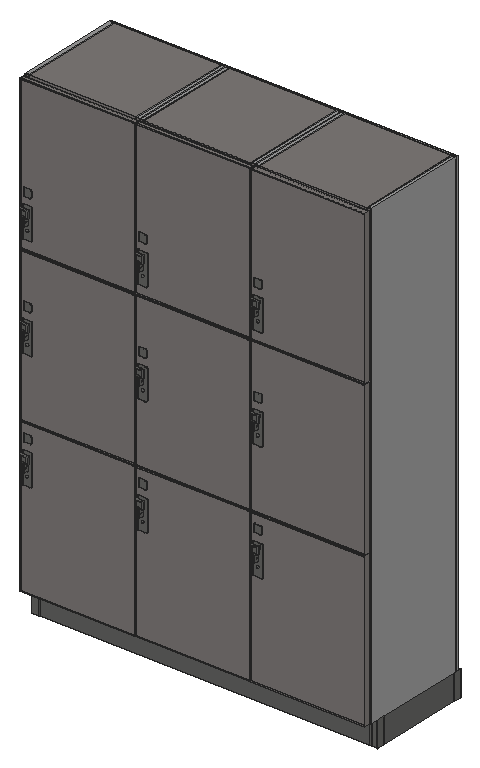
Revit family "Wood_Lockers_Hasps-Salsbury_Industries-18_43000_Series-3_Wide_Units.rfa", category Specialty Equipment, Revit 2016
Family settings
  Part Type = Normal
  Round Connector Dimension = Use Diameter
  OmniClass Number = 23.40.00.00
  OmniClass Title = Equipment and Furnishings
  Work Plane-Based = No
  Always vertical = Yes
  Cut with Voids When Loaded = No
  Shared = No
  Room Calculation Point = No
Parameters (values of type "18-43368")
  Width = 54.000"
  Version = "1.0 (01/31/24)"
  Unit Height including Sloping Hood Only [instance] = 78.868"
  Unit Height including Base Only [instance] = 76.000"
  URL = "www.lockers.com"
  Type Comments = "Premier Wood Lockers - Triple Tier - with Hasps"
  Total Doors Height [instance] = if(Unit Height = 72.000", 71.750", if(Unit Height = 60.000", 59.750", 0.000"))  # 71.750"
  Sloping Top Corner Filler - Right Side [instance] = Wood Locker Sloping Corner Fillers : None
  Sloping Top Corner Filler - Left Side [instance] = Wood Locker Sloping Corner Fillers : None
  Sloping In-Line Filler - Right Side [instance] = Wood Locker Sloping In-Line Fillers : None
  Sloping In-Line Filler - Left Side [instance] = Wood Locker Sloping In-Line Fillers : None
  Sloping Hood Height = if(Depth = 15.000", 5.743", if(Depth = 18.000", 6.868", if(Depth = 21.000", 7.993", if(Depth = 24.000", 9.118", 0.000"))))  # 6.868"
  Sloping Hood [instance] = Wood Locker Sloping Hoods : None
  Side Panel without Slope - Right Side [instance] = Wood Locker Side Panels-No Slope : None
  Side Panel without Slope - Left Side [instance] = Wood Locker Side Panels-No Slope : None
  Side Panel with Slope - Right Side [instance] = Wood Locker Side Panels-With Slope : None
  Side Panel with Slope - Left Side [instance] = Wood Locker Side Panels-With Slope : None
  Secondary Structure Materials = Particle Board Industrial Grade - Salsbury Finish - Black Melamine Overlay
  Primary Structure Materials = Particle Board Industrial Grade - Salsbury Finish - Plain
  Overall Unit Height including Base and Sloping Hood [instance] = 82.868"
  OmniClass 23 Title = "Equipment and Furnishings"
  OmniClass 23 Number = "23.40.00.00"
  Model = "18-43368"
  MasterFormat Title = "Lockers"
  MasterFormat Code = "10 51 23"
  Manufacturer = "Salsbury Industries"
  Laminate Surface [instance] = Industrial Grade Particleboard with Wood Laminate - Salsbury Finish - Skyline Walnut
  Unit Height = 72.000"
  Interior Material = Textured Melamine - Salsbury Finish - White
  Individual Door Width [instance] = 17.875"
  Individual Door Height = if(Unit Height = 72.000", 23.791", if(Unit Height = 60.000", 19.791", 0.000"))  # 23.791"
  Hardware = Aluminum - Salsbury Finish - Black Satin
  Front Vertical Filler - Right Side [instance] = Wood Locker Front Fillers : None
  Front Vertical Filler - Left Side [instance] = Wood Locker Front Fillers : None
  Front Corner Filler - Right Side [instance] = Wood Locker Front Corner Filler : None
  Front Corner Filler - Left Side [instance] = Wood Locker Front Corner Filler : None
  Flat Top In-Line Filler - Right Side [instance] = Wood Locker Flat In-Line Fillers : None
  Flat Top In-Line Filler - Left Side [instance] = Wood Locker Flat In-Line Fillers : None
  Flat Top Corner Filler - Right Side [instance] = Wood Locker Flat Corner Fillers : None
  Flat Top Corner Filler - Left Side [instance] = Wood Locker Flat Corner Fillers : None
  Fascia Filler [instance] = Wood Locker Fascia Fillers : None
  Double Side Panel without Slope - Right Side [instance] = Wood Locker Double Side Panels-No Slope : None
  Double Side Panel without Slope - Left Side [instance] = Wood Locker Double Side Panels-No Slope : None
  Double Side Panel with Slope - Right Side [instance] = Wood Locker Double Side Panels-With Slope : None
  Double Side Panel with Slope - Left Side [instance] = Wood Locker Double Side Panels-With Slope : None
  Door Location D3 = Premier Locker Doors_Hasp : Triple Tier Door-3 for Six Foot High Locker
  Door Location D2 = Premier Locker Doors_Hasp : Triple Tier Door-2 for Six Foot High Locker
  Door Location D1 = Premier Locker Doors_Hasp : Triple Tier Door-1 for Six Foot High Locker
  Description = "3 Wide - 6 Feet High - 18 inches Deep - with Base"
  Depth = 18.000"
  Compartment Width [instance] = 16.750"
  Compartment Height [instance] = if(Unit Height = 72.000", 23.000", if(Unit Height = 60.000", 19.000", 0.000"))  # 23.000"
  Compartment Depth [instance] = 16.750"
  Base Material = Particle Board Industrial Grade - Salsbury Finish - Black Melamine Overlay
  Base Height = 4.000"
  Base Depth [instance] = 16.250"
  Base = Wood Locker Bases : Base - 54" W x 18" D Lockers
  Assembly Code = "C1030310"
Reference planes (in)
  plane 1 "Center (Front/Back)": y = 0
  plane 2: z = 0
  plane 3 "Center (Left/Right)": x = 0
  plane 4 "Right Side of Unit": x = 27
  plane 5 "Left Side of Unit": x = -27
  plane 6 "Back of Unit": y = 9
  plane 7 "Front of Unit": y = -9
  plane 8 "Bottom of Base": z = 0
  plane 9 "Top Edge of Unit": z = 76
  plane 10 "Top of Base Edge": z = 4
  plane 11: z = 82.868
  plane 12 "Right Compartment 3 Edge": x = 26.406
  plane 13 "Left Compartment 1 Edge": x = -26.406
  plane 14 "Front Melamine Edge": y = -8
  plane 15 "Back Compartment Edge": y = 8.781
  plane 16 "Front Compartment Edge": y = -7.969
  plane 17 "Front Edge of Base": y = -6.625
  plane 18 "Bottom Edge of Door": z = 4.125
  plane 19 "Top Edge of Door": z = 75.875
  plane 20 "Bottom Compartment Edge": z = 4.75
  plane 21 "Top Compartment Edge": z = 75.25
  plane 22 "Center Top and Bottom": z = 40
  plane 23 "Left Melamine 1 Edge": x = -26.375
  plane 24 "Right Melamine 3 Edge": x = 26.375
  plane 25 "Back Melamine Edge": y = 8.75
  plane 26 "Left Edge of Door": x = -26.875
  plane 27: y = 9.625
  plane 28: y = -7.25
  plane 29 "Base / Ventillation Alignment": y = 9.625
  plane 30 "Compartment 1-2 Dividing Line": x = -9
  plane 31 "Compartment 2-3 Dividing Line": x = 9
  plane 32 "Right Compartment 1 Edge": x = -9.594
  plane 33 "Right Melamine 1 Edge": x = -9.625
  plane 34 "Left Compartment 2 Edge": x = -8.406
  plane 35 "Left Melamine 2 Edge": x = -8.375
  plane 36 "Right Compartment 2 Edge": x = 8.406
  plane 37 "Right Melamine 2 Edge": x = 8.375
  plane 38 "Left Compartment 3 Edge": x = 9.594
  plane 39 "Left Melamine 3 Edge": x = 9.625
  plane 40 "Compartment Shelf 2": z = 28.5
  plane 41: z = 27.75
  plane 42 "Compartment Extrusion Guide": z = 3.5
  plane 43 "Vertical Center of Compartment 1": x = -18
  plane 44 "Vertical Center of Compartment 3": x = 18
  plane 45: z = 27.916
  plane 46: z = 28.104
  plane 47: z = 51.5
  plane 48 "Compartment Shelf 1": z = 52.25
  plane 49: z = 51.895
  plane 50: z = 52.083
  plane 51 "Front of Shelf": y = 3.75
  plane 52: y = 3.781
  plane 53 "Top Shelf-Top": z = 70.75
  plane 54 "Top Shelf-Bottom": z = 70
  plane 55 "Mid Shelf-Top": z = 47
  plane 56 "Mid Shelf-Bottom": z = 46.25
  plane 57 "Bottom Shelf-Top": z = 23.25
  plane 58 "Bottom Shelf-Bottom": z = 22.5
Forms (in)
  Extrusion 1, solid, material "Particle Board Industrial Grade - Salsbury Finish - Plain" <- "Primary Structure Materials"
    sketch origin (27, 0, 0) x (0, -1, 0) y (0, 0, 1)
      loop
        line (7.969, 76) -> (-8.75, 76) -> (-8.75, 4) -> (7.969, 4) -> (7.969, 76)
    from 0 to 0.594
  Extrusion 2, solid, material "Particle Board Industrial Grade - Salsbury Finish - Plain" <- "Primary Structure Materials"
    sketch origin (-27, 0, 0) x (0, -1, 0) y (0, 0, 1)
      loop
        line (-8.75, 76) -> (-8.75, 4) -> (7.969, 4) -> (7.969, 76) -> (-8.75, 76)
    from 0 to -0.594
  Extrusion 3, solid, material "Textured Melamine - Salsbury Finish - White" <- "Interior Material"
    sketch origin (0, 0, 4) x (0, -1, 0) y (1, 0, 0)
      loop
        line (-8.75, -26.375) -> (7.969, -26.375) -> (7.969, 26.375) -> (-8.75, 26.375) -> (-8.75, -26.375)
    from 0 to 0.75
  Extrusion 4, solid, material "Industrial Grade Particleboard with Wood Laminate - Salsbury Finish - Skyline Walnut" <- "Laminate Surface"
    sketch origin (0, 0, 76) x (0, -1, 0) y (1, 0, 0)
      loop
        line (-8.75, -26.375) -> (8, -26.375) -> (8, 26.375) -> (-8.75, 26.375) -> (-8.75, -26.375)
    from 0 to -0.75
  Extrusion 5, solid, material "Particle Board Industrial Grade - Salsbury Finish - Plain" <- "Primary Structure Materials"
    sketch origin (0, 9, 0) x (1, 0, 0) y (0, 0, 1)
      loop
        line (-27, 76) -> (-27, 4) -> (27, 4) -> (27, 76) -> (-27, 76)
    from 0 to 0.219
  Extrusion 6, solid, material "Industrial Grade Particleboard with Wood Laminate - Salsbury Finish - Skyline Walnut" <- "Laminate Surface"
    sketch origin (0, -7.969, 0) x (1, 0, 0) y (0, 0, 1)
      loop
        line (-27, 76) -> (-27, 4) -> (-26.375, 4) -> (-26.375, 76) -> (-27, 76)
    from 0 to 0.031
  Extrusion 7, solid, material "Industrial Grade Particleboard with Wood Laminate - Salsbury Finish - Skyline Walnut" <- "Laminate Surface"
    sketch origin (0, -7.969, 0) x (-1, 0, 0) y (0, 0, -1)
      loop
        line (-27, -76) -> (-26.375, -76) -> (-26.375, -4) -> (-27, -4) -> (-27, -76)
    from 0 to 0.031
  Extrusion 8, solid, material "Textured Melamine - Salsbury Finish - White" <- "Interior Material"
    sketch origin (0, 8.75, 0) x (1, 0, 0) y (0, 0, 1)
      loop
        line (-27, 76) -> (-27, 4) -> (27, 4) -> (27, 76) -> (-27, 76)
    from -0.031 to 0
  Extrusion 9, solid, material "Textured Melamine - Salsbury Finish - White" <- "Interior Material"
    sketch origin (-26.406, 0, 0) x (0, -1, 0) y (0, 0, 1)
      loop
        line (-8.75, 76) -> (-8.75, 4) -> (7.969, 4) -> (7.969, 76) -> (-8.75, 76)
    from 0 to -0.031
  Extrusion 10, solid, material "Textured Melamine - Salsbury Finish - White" <- "Interior Material"
    sketch origin (26.406, 0, 0) x (0, -1, 0) y (0, 0, 1)
      loop
        line (7.969, 76) -> (-8.75, 76) -> (-8.75, 4) -> (7.969, 4) -> (7.969, 76)
    from 0 to 0.031
  Extrusion 11, solid, material "Textured Melamine - Salsbury Finish - White" <- "Interior Material", detail levels fine
    sketch origin (0, 0, 28.5) x (0, -1, 0) y (1, 0, 0)
      loop
        line (-8.75, -26.375) -> (7.969, -26.375) -> (7.969, 26.375) -> (-8.75, 26.375) -> (-8.75, -26.375)
    from 0 to -0.75
  Extrusion 12, void
    sketch origin (0, 0, 76) x (0, -1, 0) y (1, 0, 0)
      loop
        line (-8.75, -9.625) -> (8, -9.625) -> (8, -8.375) -> (-8.75, -8.375) -> (-8.75, -9.625)
    from -72.5 to 0
  Extrusion 13, void
    sketch origin (12, 0, 76) x (0, -1, 0) y (1, 0, 0)
      loop
        line (-8.75, -3.625) -> (8, -3.625) -> (8, -2.375) -> (-8.75, -2.375) -> (-8.75, -3.625)
    from -72.5 to 0
  Extrusion 14, solid, material "Particle Board Industrial Grade - Salsbury Finish - Plain" <- "Primary Structure Materials"
    sketch origin (6.0625, 0, 0) x (0, -1, 0) y (0, 0, 1)
      loop
        line (7.969, 76) -> (-8.75, 76) -> (-8.75, 4) -> (7.969, 4) -> (7.969, 76)
    from -2.9375 to -2.3435
  Extrusion 15, solid, material "Textured Melamine - Salsbury Finish - White" <- "Interior Material"
    sketch origin (5.4685, 0, 0) x (0, -1, 0) y (0, 0, 1)
      loop
        line (7.969, 76) -> (-8.75, 76) -> (-8.75, 4) -> (7.969, 4) -> (7.969, 76)
    from -2.9375 to -2.9065
  Extrusion 16, solid, material "Particle Board Industrial Grade - Salsbury Finish - Plain" <- "Primary Structure Materials"
    sketch origin (-5.9375, 0, 0) x (0, -1, 0) y (0, 0, 1)
      loop
        line (7.969, 76) -> (-8.75, 76) -> (-8.75, 4) -> (7.969, 4) -> (7.969, 76)
    from 3.0625 to 3.6565
  Extrusion 17, solid, material "Textured Melamine - Salsbury Finish - White" <- "Interior Material"
    sketch origin (-6.5315, 0, 0) x (0, -1, 0) y (0, 0, 1)
      loop
        line (7.969, 76) -> (-8.75, 76) -> (-8.75, 4) -> (7.969, 4) -> (7.969, 76)
    from 3.0625 to 3.0935
  Extrusion 18, solid, material "Particle Board Industrial Grade - Salsbury Finish - Plain" <- "Primary Structure Materials"
    sketch origin (-5.9375, 0, 0) x (0, -1, 0) y (0, 0, 1)
      loop
        line (-8.75, 76) -> (-8.75, 4) -> (7.969, 4) -> (7.969, 76) -> (-8.75, 76)
    from 3.0625 to 2.4685
  Extrusion 19, solid, material "Textured Melamine - Salsbury Finish - White" <- "Interior Material"
    sketch origin (-5.3435, 0, 0) x (0, -1, 0) y (0, 0, 1)
      loop
        line (-8.75, 76) -> (-8.75, 4) -> (7.969, 4) -> (7.969, 76) -> (-8.75, 76)
    from 3.0625 to 3.0315
  Extrusion 20, solid, material "Particle Board Industrial Grade - Salsbury Finish - Plain" <- "Primary Structure Materials"
    sketch origin (6.0625, 0, 0) x (0, -1, 0) y (0, 0, 1)
      loop
        line (-8.75, 76) -> (-8.75, 4) -> (7.969, 4) -> (7.969, 76) -> (-8.75, 76)
    from -2.9375 to -3.5315
  Extrusion 21, solid, material "Textured Melamine - Salsbury Finish - White" <- "Interior Material"
    sketch origin (6.6565, 0, 0) x (0, -1, 0) y (0, 0, 1)
      loop
        line (-8.75, 76) -> (-8.75, 4) -> (7.969, 4) -> (7.969, 76) -> (-8.75, 76)
    from -2.9375 to -2.9685
  Extrusion 22, solid, material "Industrial Grade Particleboard with Wood Laminate - Salsbury Finish - Skyline Walnut" <- "Laminate Surface"
    sketch origin (11.375, -7.969, 0) x (1, 0, 0) y (0, 0, 1)
      loop
        line (-21, 76) -> (-21, 4) -> (-19.75, 4) -> (-19.75, 76) -> (-21, 76)
    from 0 to 0.031
  Extrusion 23, solid, material "Industrial Grade Particleboard with Wood Laminate - Salsbury Finish - Skyline Walnut" <- "Laminate Surface"
    sketch origin (23.375, -7.969, 0) x (1, 0, 0) y (0, 0, 1)
      loop
        line (-15, 76) -> (-15, 4) -> (-13.75, 4) -> (-13.75, 76) -> (-15, 76)
    from 0 to 0.031
  Extrusion 24, solid, material "Textured Melamine - Salsbury Finish - White" <- "Interior Material", detail levels fine
    sketch origin (0, 0, 52.25) x (0, -1, 0) y (1, 0, 0)
      loop
        line (-8.75, -26.375) -> (7.969, -26.375) -> (7.969, 26.375) -> (-8.75, 26.375) -> (-8.75, -26.375)
    from 0 to -0.75
  Extrusion 25, solid, material "Industrial Grade Particleboard with Wood Laminate - Salsbury Finish - Skyline Walnut" <- "Laminate Surface"
    sketch origin (0, -7.969, 0) x (1, 0, 0) y (0, 0, 1)
      loop
        line (-26.375, 52.25) -> (-26.375, 51.5) -> (26.375, 51.5) -> (26.375, 52.25) -> (-26.375, 52.25)
    from 0 to 0.031
  Extrusion 26, solid, material "Industrial Grade Particleboard with Wood Laminate - Salsbury Finish - Skyline Walnut" <- "Laminate Surface"
    sketch origin (0, -7.969, 0) x (1, 0, 0) y (0, 0, 1)
      loop
        line (-26.375, 28.5) -> (-26.375, 27.75) -> (26.375, 27.75) -> (26.375, 28.5) -> (-26.375, 28.5)
    from 0 to 0.031
  Extrusion 27, solid, material "Industrial Grade Particleboard with Wood Laminate - Salsbury Finish - Skyline Walnut" <- "Laminate Surface"
    sketch origin (0, -7.969, 0) x (1, 0, 0) y (0, 0, 1)
      loop
        line (-26.375, 4.75) -> (-26.375, 4) -> (26.375, 4) -> (26.375, 4.75) -> (-26.375, 4.75)
    from 0 to 0.031
  Extrusion 28, solid, material "Textured Melamine - Salsbury Finish - White" <- "Interior Material"
    sketch origin (0, 0, 70.75) x (0, -1, 0) y (1, 0, 0)
      loop
        line (-8.75, -26.375) -> (-3.781, -26.375) -> (-3.781, 26.375) -> (-8.75, 26.375) -> (-8.75, -26.375)
    from 0 to -0.75
  Extrusion 29, solid, material "Textured Melamine - Salsbury Finish - White" <- "Interior Material"
    sketch origin (0, 0, 47) x (0, -1, 0) y (1, 0, 0)
      loop
        line (-8.75, -26.375) -> (-3.781, -26.375) -> (-3.781, 26.375) -> (-8.75, 26.375) -> (-8.75, -26.375)
    from 0 to -0.75
  Extrusion 30, solid, material "Textured Melamine - Salsbury Finish - White" <- "Interior Material"
    sketch origin (0, 0, 23.25) x (0, -1, 0) y (1, 0, 0)
      loop
        line (-8.75, -26.375) -> (-3.781, -26.375) -> (-3.781, 26.375) -> (-8.75, 26.375) -> (-8.75, -26.375)
    from 0 to -0.75
  Extrusion 31, solid, material "Industrial Grade Particleboard with Wood Laminate - Salsbury Finish - Skyline Walnut" <- "Laminate Surface"
    sketch origin (0, 3.75, 0) x (1, 0, 0) y (0, 0, 1)
      loop
        line (-26.375, 70.75) -> (-26.375, 70) -> (26.375, 70) -> (26.375, 70.75) -> (-26.375, 70.75)
    from 0 to -0.031
  Extrusion 32, solid, material "Industrial Grade Particleboard with Wood Laminate - Salsbury Finish - Skyline Walnut" <- "Laminate Surface"
    sketch origin (0, 3.75, 0) x (1, 0, 0) y (0, 0, 1)
      loop
        line (-26.375, 47) -> (-26.375, 46.25) -> (26.375, 46.25) -> (26.375, 47) -> (-26.375, 47)
    from 0 to -0.031
  Extrusion 33, solid, material "Industrial Grade Particleboard with Wood Laminate - Salsbury Finish - Skyline Walnut" <- "Laminate Surface"
    sketch origin (0, 3.75, 0) x (1, 0, 0) y (0, 0, 1)
      loop
        line (-26.375, 23.25) -> (-26.375, 22.5) -> (26.375, 22.5) -> (26.375, 23.25) -> (-26.375, 23.25)
    from 0 to -0.031
Cuts and joins
  Extrusion 12, Extrusion 13 cuts Extrusion 4
  Extrusion 12, Extrusion 13 cuts Extrusion 11
  Extrusion 12, Extrusion 13 cuts Extrusion 3
  Extrusion 13 cuts Extrusion 8
  Extrusion 12, Extrusion 13 cuts Extrusion 24
Lines and regions (in)
  symbolic lines
    curve 1: line (-27, 8.75, 76) -> (27.00006, 8.75, 76)
    curve 2: line (-27, 8.75, 0) -> (-27, 8.75, 76)
    curve 3: line (27.00006, 8.75, 76) -> (27.00006, 8.75, 0)
    curve 4: line (26.406, -8, 76) -> (26.406, 9.625, 76)
    curve 5: line (26.406, -8, 0) -> (26.406, -8, 76)
    curve 6: line (26.406, 9.625, 76) -> (26.406, 9.625, 0)
    curve 7: line (27.00006, 8.75, 0) -> (-27, 8.75, 0)
    curve 8: line (26.406, -6.625, 0) -> (26.406, 9.625, 0)
    curve 9: line (26.406, 9.625, 0) -> (26.406, -6.625, 0)
    curve 10: line (26.406, -8, 0) -> (26.406, 9.625, 0)
    curve 11: line (-27, 9.625, 0) -> (27, 9.625, 0)
    curve 12: line (-27, -8, 0) -> (-27, 9.625, 0)
    curve 13: line (27, -8, 0) -> (-27, -8, 0)
    curve 14: line (27, 9.625, 0) -> (27, -8, 0)
Dimensions and locks (in)
  equal spacing: plane 5 "Left Side of Unit", plane 43 "Vertical Center of Compartment 1", plane 30 "Compartment 1-2 Dividing Line", plane 3 "Center (Left/Right)", plane 31 "Compartment 2-3 Dividing Line", plane 44 "Vertical Center of Compartment 3", plane 4 "Right Side of Unit"
  "Width": plane 5 "Left Side of Unit" to plane 4 "Right Side of Unit"
  equal spacing: plane 7 "Front of Unit", plane 1 "Center (Front/Back)", plane 6 "Back of Unit"
  "Depth": plane 7 "Front of Unit" to plane 6 "Back of Unit"
  "Base Height": plane 10 "Top of Base Edge" to plane 8 "Bottom of Base"
  "Unit Height": plane 9 "Top Edge of Unit" to plane 10 "Top of Base Edge"
  "Sloping Hood Height": plane 11 to plane 9 "Top Edge of Unit"
  locked: plane 12 "Right Compartment 3 Edge" to plane 4 "Right Side of Unit" at 0.594
  locked: plane 5 "Left Side of Unit" to plane 13 "Left Compartment 1 Edge" at 0.594
  locked: plane 7 "Front of Unit" to plane 14 "Front Melamine Edge" at 1
  locked: plane 15 "Back Compartment Edge" to plane 6 "Back of Unit" at 0.219
  locked: plane 14 "Front Melamine Edge" to plane 16 "Front Compartment Edge" at 0.031
  plane 18 "Bottom Edge of Door" to plane 10 "Top of Base Edge" = 0.125"
  plane 9 "Top Edge of Unit" to plane 19 "Top Edge of Door" = 0.125"
  plane 20 "Bottom Compartment Edge" to plane 10 "Top of Base Edge" = 0.750"
  plane 9 "Top Edge of Unit" to plane 21 "Top Compartment Edge" = 0.750"
  equal spacing: plane 9 "Top Edge of Unit", plane 22 "Center Top and Bottom", plane 10 "Top of Base Edge"
  locked: plane 24 "Right Melamine 3 Edge" to plane 12 "Right Compartment 3 Edge" at 0.031
  locked: plane 13 "Left Compartment 1 Edge" to plane 23 "Left Melamine 1 Edge" at 0.031
  locked: plane 25 "Back Melamine Edge" to plane 15 "Back Compartment Edge" at 0.031
  locked: plane 5 "Left Side of Unit" to plane 26 "Left Edge of Door" at 0.125
  "Individual Door Width": plane 26 "Left Edge of Door" to plane 30 "Compartment 1-2 Dividing Line"
  "Total Doors Height": plane 19 "Top Edge of Door" to plane 18 "Bottom Edge of Door"
  "Unit Height including Base Only": plane 9 "Top Edge of Unit" to plane 8 "Bottom of Base"
  "Unit Height including Sloping Hood Only": plane 11 to plane 10 "Top of Base Edge"
  "Overall Unit Height including Base and Sloping Hood": plane 11 to plane 8 "Bottom of Base"
  locked: plane 7 "Front of Unit" to plane 17 "Front Edge of Base" at 2.375
  locked: plane 6 "Back of Unit" to plane 27 at 0.625
  "Base Depth": plane 17 "Front Edge of Base" to plane 27
  "Compartment Width": plane 23 "Left Melamine 1 Edge" to plane 33 "Right Melamine 1 Edge"
  "Compartment Height": plane 41 to plane 20 "Bottom Compartment Edge"
  "Compartment Depth": plane 14 "Front Melamine Edge" to plane 25 "Back Melamine Edge"
  locked: plane 14 "Front Melamine Edge" to plane 28 at 0.75
  plane 14 "Front Melamine Edge" to plane 27 = 17.625"
  Extrusion 2 to Extrusion 9 = 16.719"
  plane 6 "Back of Unit" to plane 29 "Base / Ventillation Alignment" = 0.625"
  plane 32 "Right Compartment 1 Edge" to plane 30 "Compartment 1-2 Dividing Line" to plane 34 "Left Compartment 2 Edge" = 0.594" locked, 0.594" locked
  plane 36 "Right Compartment 2 Edge" to plane 31 "Compartment 2-3 Dividing Line" to plane 38 "Left Compartment 3 Edge" = 0.594" locked, 0.594" locked
  locked: plane 37 "Right Melamine 2 Edge" to plane 36 "Right Compartment 2 Edge" at 0.031
  locked: plane 38 "Left Compartment 3 Edge" to plane 39 "Left Melamine 3 Edge" at 0.031
  locked: plane 34 "Left Compartment 2 Edge" to plane 35 "Left Melamine 2 Edge" at 0.031
  plane 33 "Right Melamine 1 Edge" to plane 32 "Right Compartment 1 Edge" = 0.031"
  locked: plane 40 "Compartment Shelf 2" to plane 41 at 0.75
  locked: plane 10 "Top of Base Edge" to plane 42 "Compartment Extrusion Guide" at 0.5
  locked: plane 46 to plane 45 at 0.188
  "Individual Door Height": plane 45 to plane 18 "Bottom Edge of Door"
  locked: plane 48 "Compartment Shelf 1" to plane 47 at 0.75
  locked: plane 50 to plane 49 at 0.188
  "Individual Door Height": plane 49 to plane 46
  "Compartment Height": plane 47 to plane 40 "Compartment Shelf 2"
  locked: plane 51 "Front of Shelf" to plane 52 at 0.031
  locked: plane 51 "Front of Shelf" to plane 25 "Back Melamine Edge" at 5
  plane 21 "Top Compartment Edge" to plane 53 "Top Shelf-Top" to plane 54 "Top Shelf-Bottom" = 4.500" locked, 0.750" locked
  plane 47 to plane 55 "Mid Shelf-Top" to plane 56 "Mid Shelf-Bottom" = 4.500" locked, 0.750" locked
  plane 41 to plane 57 "Bottom Shelf-Top" to plane 58 "Bottom Shelf-Bottom" = 4.500" locked, 0.750" locked
  aligned and locked: level to plane 2
  aligned and locked: Extrusion 5 to plane 15 "Back Compartment Edge"
  aligned and locked: plane 4 "Right Side of Unit" to nested 1
  aligned and locked: plane 18 "Bottom Edge of Door" to nested 1
  aligned and locked: plane 7 "Front of Unit" to nested 1
  aligned and locked: plane 5 "Left Side of Unit" to nested 2
  aligned and locked: nested 2 to plane 14 "Front Melamine Edge"
  aligned and locked: nested 2 to plane 9 "Top Edge of Unit"
  aligned and locked: plane 4 "Right Side of Unit" to nested 3
  aligned and locked: nested 3 to plane 9 "Top Edge of Unit"
  aligned and locked: nested 3 to plane 14 "Front Melamine Edge"
  aligned and locked: plane 9 "Top Edge of Unit" to nested 4
  aligned and locked: plane 28 to nested 4
  aligned and locked: plane 28 to nested 5
  aligned and locked: plane 5 "Left Side of Unit" to nested 5
  aligned and locked: plane 4 "Right Side of Unit" to nested 4
  aligned and locked: plane 9 "Top Edge of Unit" to nested 5
  aligned and locked: nested 7 to plane 5 "Left Side of Unit"
  aligned and locked: nested 6 to plane 4 "Right Side of Unit"
  aligned and locked: plane 14 "Front Melamine Edge" to nested 6
  aligned and locked: plane 14 "Front Melamine Edge" to nested 7
  aligned and locked: plane 10 "Top of Base Edge" to nested 6
  aligned and locked: plane 10 "Top of Base Edge" to nested 7
  aligned and locked: plane 5 "Left Side of Unit" to nested 8
  aligned and locked: plane 4 "Right Side of Unit" to nested 9
  aligned and locked: nested 9 to plane 10 "Top of Base Edge"
  aligned and locked: nested 8 to plane 10 "Top of Base Edge"
  aligned and locked: plane 16 "Front Compartment Edge" to nested 9
  aligned and locked: plane 14 "Front Melamine Edge" to nested 8
  aligned and locked: plane 4 "Right Side of Unit" to nested 10
  aligned and locked: nested 10 to plane 10 "Top of Base Edge"
  aligned and locked: plane 14 "Front Melamine Edge" to nested 10
  aligned and locked: plane 14 "Front Melamine Edge" to nested 11
  aligned and locked: nested 11 to nested 3
  aligned and locked: plane 10 "Top of Base Edge" to nested 11
  aligned and locked: nested 12 to plane 5 "Left Side of Unit"
  aligned and locked: plane 14 "Front Melamine Edge" to nested 12
  aligned and locked: plane 10 "Top of Base Edge" to nested 12
  aligned and locked: plane 14 "Front Melamine Edge" to nested 13
  aligned and locked: nested 13 to plane 4 "Right Side of Unit"
  aligned and locked: plane 14 "Front Melamine Edge" to nested 14
  aligned and locked: nested 14 to plane 5 "Left Side of Unit"
  aligned and locked: plane 10 "Top of Base Edge" to nested 13
  aligned and locked: plane 10 "Top of Base Edge" to nested 14
  aligned and locked: plane 14 "Front Melamine Edge" to nested 15
  aligned and locked: plane 4 "Right Side of Unit" to nested 15
  aligned and locked: plane 14 "Front Melamine Edge" to nested 16
  aligned and locked: plane 5 "Left Side of Unit" to nested 16
  aligned and locked: nested 15 to plane 8 "Bottom of Base"
  aligned and locked: nested 16 to plane 8 "Bottom of Base"
  aligned and locked: nested 17 to plane 5 "Left Side of Unit"
  aligned and locked: nested 18 to plane 4 "Right Side of Unit"
  aligned and locked: nested 18 to plane 14 "Front Melamine Edge"
  aligned and locked: nested 17 to plane 14 "Front Melamine Edge"
  aligned and locked: plane 8 "Bottom of Base" to nested 18
  aligned and locked: plane 8 "Bottom of Base" to nested 17
  aligned and locked: nested 19 to plane 17 "Front Edge of Base"
  aligned and locked: nested 20 to plane 9 "Top Edge of Unit"
  aligned and locked: plane 5 "Left Side of Unit" to nested 20
  aligned and locked: nested 21 to plane 9 "Top Edge of Unit"
  aligned and locked: plane 4 "Right Side of Unit" to nested 21
  aligned and locked: nested 21 to plane 14 "Front Melamine Edge"
  aligned and locked: nested 20 to plane 14 "Front Melamine Edge"
  aligned and locked: nested 23 to plane 9 "Top Edge of Unit"
  aligned and locked: plane 4 "Right Side of Unit" to nested 23
  aligned and locked: nested 22 to plane 9 "Top Edge of Unit"
  aligned and locked: plane 5 "Left Side of Unit" to nested 22
  aligned and locked: nested 23 to plane 28
  aligned and locked: nested 22 to plane 28
  aligned and locked: nested 19 to plane 8 "Bottom of Base"
  aligned and locked: plane 3 "Center (Left/Right)" to nested 19
  aligned and locked: Extrusion 3 sketch curve to plane 25 "Back Melamine Edge"
  aligned and locked: Extrusion 3 sketch curve to plane 23 "Left Melamine 1 Edge"
  aligned and locked: plane 24 "Right Melamine 3 Edge" to Extrusion 3 sketch curve
  aligned and locked: Extrusion 4 sketch curve to plane 25 "Back Melamine Edge"
  aligned and locked: plane 24 "Right Melamine 3 Edge" to Extrusion 4 sketch curve
  aligned and locked: Extrusion 4 sketch curve to plane 23 "Left Melamine 1 Edge"
  aligned and locked: Extrusion 4 sketch curve to plane 14 "Front Melamine Edge"
  aligned and locked: Extrusion 4 to plane 9 "Top Edge of Unit"
  aligned and locked: Extrusion 4 to plane 21 "Top Compartment Edge"
  aligned and locked: Extrusion 2 sketch curve to plane 9 "Top Edge of Unit"
  aligned and locked: plane 16 "Front Compartment Edge" to Extrusion 2 sketch curve
  aligned and locked: Extrusion 2 sketch curve to plane 25 "Back Melamine Edge"
  aligned and locked: plane 10 "Top of Base Edge" to Extrusion 2 sketch curve
  aligned and locked: Extrusion 2 to plane 13 "Left Compartment 1 Edge"
  aligned and locked: plane 5 "Left Side of Unit" to Extrusion 2
  aligned and locked: plane 10 "Top of Base Edge" to Extrusion 9 sketch curve
  aligned and locked: Extrusion 9 sketch curve to plane 25 "Back Melamine Edge"
  aligned and locked: Extrusion 9 sketch curve to plane 9 "Top Edge of Unit"
  aligned and locked: Extrusion 1 sketch curve to plane 16 "Front Compartment Edge"
  aligned and locked: plane 9 "Top Edge of Unit" to Extrusion 1 sketch curve
  aligned and locked: Extrusion 1 sketch curve to plane 10 "Top of Base Edge"
  aligned and locked: plane 25 "Back Melamine Edge" to Extrusion 1 sketch curve
  aligned and locked: Extrusion 1 to plane 4 "Right Side of Unit"
  aligned and locked: plane 12 "Right Compartment 3 Edge" to Extrusion 1
  aligned and locked: Extrusion 10 sketch curve to plane 10 "Top of Base Edge"
  aligned and locked: plane 25 "Back Melamine Edge" to Extrusion 10 sketch curve
  aligned and locked: Extrusion 10 sketch curve to plane 16 "Front Compartment Edge"
  aligned and locked: plane 9 "Top Edge of Unit" to Extrusion 10 sketch curve
  aligned and locked: Extrusion 10 to plane 12 "Right Compartment 3 Edge"
  aligned and locked: plane 24 "Right Melamine 3 Edge" to Extrusion 10
  aligned and locked: Extrusion 8 sketch curve to plane 10 "Top of Base Edge"
  aligned and locked: plane 4 "Right Side of Unit" to Extrusion 8 sketch curve
  aligned and locked: Extrusion 8 sketch curve to plane 9 "Top Edge of Unit"
  aligned and locked: Extrusion 8 sketch curve to plane 5 "Left Side of Unit"
  aligned and locked: Extrusion 8 to plane 15 "Back Compartment Edge"
  aligned and locked: Extrusion 8 to plane 25 "Back Melamine Edge"
  aligned and locked: Extrusion 5 sketch curve to plane 9 "Top Edge of Unit"
  aligned and locked: Extrusion 5 sketch curve to plane 5 "Left Side of Unit"
  aligned and locked: Extrusion 5 sketch curve to plane 10 "Top of Base Edge"
  aligned and locked: plane 4 "Right Side of Unit" to Extrusion 5 sketch curve
  aligned and locked: Extrusion 7 sketch curve to plane 9 "Top Edge of Unit"
  aligned and locked: Extrusion 7 sketch curve to plane 4 "Right Side of Unit"
  aligned and locked: plane 24 "Right Melamine 3 Edge" to Extrusion 7 sketch curve
  aligned and locked: plane 10 "Top of Base Edge" to Extrusion 7 sketch curve
  aligned and locked: Extrusion 7 to plane 16 "Front Compartment Edge"
  aligned and locked: plane 14 "Front Melamine Edge" to Extrusion 7
  aligned and locked: plane 10 "Top of Base Edge" to Extrusion 6 sketch curve
  aligned and locked: plane 23 "Left Melamine 1 Edge" to Extrusion 6 sketch curve
  aligned and locked: Extrusion 6 sketch curve to plane 5 "Left Side of Unit"
  aligned and locked: Extrusion 6 sketch curve to plane 9 "Top Edge of Unit"
  aligned and locked: plane 16 "Front Compartment Edge" to Extrusion 6
  aligned and locked: Extrusion 6 to plane 14 "Front Melamine Edge"
  aligned and locked: Extrusion 9 to plane 16 "Front Compartment Edge"
  aligned and locked: plane 13 "Left Compartment 1 Edge" to Extrusion 9
  aligned and locked: nested 2 to curve 1
  aligned and locked: curve 2 to nested 16
  aligned and locked: nested 15 to curve 5
  aligned and locked: curve 9 to nested 19
  aligned and locked: curve 10 to nested 15
  aligned and locked: curve 13 to plane 14 "Front Melamine Edge"
  aligned and locked: curve 12 to plane 5 "Left Side of Unit"
  aligned and locked: curve 11 to plane 29 "Base / Ventillation Alignment"
  aligned and locked: plane 29 "Base / Ventillation Alignment" to curve 6
  aligned and locked: plane 14 "Front Melamine Edge" to nested 24
  aligned and locked: plane 9 "Top Edge of Unit" to nested 24
  aligned and locked: plane 3 "Center (Left/Right)" to nested 24
  aligned and locked: plane 14 "Front Melamine Edge" to nested 25
  aligned and locked: plane 3 "Center (Left/Right)" to nested 25
  aligned and locked: plane 9 "Top Edge of Unit" to nested 25
  aligned and locked: Extrusion 11 sketch curve to plane 25 "Back Melamine Edge"
  aligned and locked: Extrusion 11 sketch curve to plane 23 "Left Melamine 1 Edge"
  aligned and locked: plane 24 "Right Melamine 3 Edge" to Extrusion 11 sketch curve
  aligned and locked: Extrusion 12 sketch curve to plane 25 "Back Melamine Edge"
  aligned and locked: plane 33 "Right Melamine 1 Edge" to Extrusion 12 sketch curve
  aligned and locked: plane 14 "Front Melamine Edge" to Extrusion 12 sketch curve
  aligned and locked: Extrusion 12 sketch curve to plane 35 "Left Melamine 2 Edge"
  aligned and locked: Extrusion 12 to plane 9 "Top Edge of Unit"
  aligned and locked: plane 42 "Compartment Extrusion Guide" to Extrusion 12
  aligned and locked: Extrusion 13 sketch curve to plane 37 "Right Melamine 2 Edge"
  aligned and locked: plane 39 "Left Melamine 3 Edge" to Extrusion 13 sketch curve
  aligned and locked: plane 25 "Back Melamine Edge" to Extrusion 13 sketch curve
  aligned and locked: Extrusion 13 sketch curve to plane 14 "Front Melamine Edge"
  aligned and locked: plane 42 "Compartment Extrusion Guide" to Extrusion 13
  aligned and locked: Extrusion 13 to plane 9 "Top Edge of Unit"
  aligned and locked: plane 9 "Top Edge of Unit" to Extrusion 14 sketch curve
  aligned and locked: plane 25 "Back Melamine Edge" to Extrusion 14 sketch curve
  aligned and locked: Extrusion 14 sketch curve to plane 10 "Top of Base Edge"
  aligned and locked: Extrusion 14 sketch curve to plane 16 "Front Compartment Edge"
  aligned and locked: plane 36 "Right Compartment 2 Edge" to Extrusion 14
  aligned and locked: Extrusion 14 to plane 31 "Compartment 2-3 Dividing Line"
  aligned and locked: plane 25 "Back Melamine Edge" to Extrusion 15 sketch curve
  aligned and locked: plane 9 "Top Edge of Unit" to Extrusion 15 sketch curve
  aligned and locked: Extrusion 15 sketch curve to plane 10 "Top of Base Edge"
  aligned and locked: Extrusion 15 sketch curve to plane 16 "Front Compartment Edge"
  aligned and locked: Extrusion 15 to plane 36 "Right Compartment 2 Edge"
  aligned and locked: plane 37 "Right Melamine 2 Edge" to Extrusion 15
  aligned and locked: plane 25 "Back Melamine Edge" to Extrusion 16 sketch curve
  aligned and locked: plane 9 "Top Edge of Unit" to Extrusion 16 sketch curve
  aligned and locked: Extrusion 16 sketch curve to plane 10 "Top of Base Edge"
  aligned and locked: Extrusion 16 sketch curve to plane 16 "Front Compartment Edge"
  aligned and locked: plane 32 "Right Compartment 1 Edge" to Extrusion 16
  aligned and locked: Extrusion 16 to plane 30 "Compartment 1-2 Dividing Line"
  aligned and locked: plane 25 "Back Melamine Edge" to Extrusion 17 sketch curve
  aligned and locked: plane 9 "Top Edge of Unit" to Extrusion 17 sketch curve
  aligned and locked: Extrusion 17 sketch curve to plane 10 "Top of Base Edge"
  aligned and locked: Extrusion 17 sketch curve to plane 16 "Front Compartment Edge"
  aligned and locked: Extrusion 17 to plane 32 "Right Compartment 1 Edge"
  aligned and locked: plane 33 "Right Melamine 1 Edge" to Extrusion 17
  aligned and locked: plane 10 "Top of Base Edge" to Extrusion 18 sketch curve
  aligned and locked: plane 16 "Front Compartment Edge" to Extrusion 18 sketch curve
  aligned and locked: Extrusion 18 sketch curve to plane 25 "Back Melamine Edge"
  aligned and locked: Extrusion 18 sketch curve to plane 9 "Top Edge of Unit"
  aligned and locked: Extrusion 18 to plane 34 "Left Compartment 2 Edge"
  aligned and locked: plane 30 "Compartment 1-2 Dividing Line" to Extrusion 18
  aligned and locked: Extrusion 19 sketch curve to plane 25 "Back Melamine Edge"
  aligned and locked: Extrusion 19 sketch curve to plane 9 "Top Edge of Unit"
  aligned and locked: plane 10 "Top of Base Edge" to Extrusion 19 sketch curve
  aligned and locked: plane 16 "Front Compartment Edge" to Extrusion 19 sketch curve
  aligned and locked: Extrusion 19 to plane 35 "Left Melamine 2 Edge"
  aligned and locked: plane 34 "Left Compartment 2 Edge" to Extrusion 19
  aligned and locked: plane 16 "Front Compartment Edge" to Extrusion 20 sketch curve
  aligned and locked: plane 10 "Top of Base Edge" to Extrusion 20 sketch curve
  aligned and locked: Extrusion 20 sketch curve to plane 9 "Top Edge of Unit"
  aligned and locked: Extrusion 20 sketch curve to plane 25 "Back Melamine Edge"
  aligned and locked: plane 31 "Compartment 2-3 Dividing Line" to Extrusion 20
  aligned and locked: Extrusion 20 to plane 38 "Left Compartment 3 Edge"
  aligned and locked: Extrusion 21 sketch curve to plane 25 "Back Melamine Edge"
  aligned and locked: Extrusion 21 sketch curve to plane 9 "Top Edge of Unit"
  aligned and locked: plane 10 "Top of Base Edge" to Extrusion 21 sketch curve
  aligned and locked: plane 16 "Front Compartment Edge" to Extrusion 21 sketch curve
  aligned and locked: Extrusion 21 to plane 39 "Left Melamine 3 Edge"
  aligned and locked: plane 38 "Left Compartment 3 Edge" to Extrusion 21
  aligned and locked: plane 31 "Compartment 2-3 Dividing Line" to nested 26
  aligned and locked: plane 30 "Compartment 1-2 Dividing Line" to nested 27
  aligned and locked: plane 18 "Bottom Edge of Door" to nested 26
  aligned and locked: nested 27 to plane 18 "Bottom Edge of Door"
  aligned and locked: plane 7 "Front of Unit" to nested 26
  aligned and locked: nested 27 to plane 7 "Front of Unit"
  aligned and locked: Extrusion 22 sketch curve to plane 33 "Right Melamine 1 Edge"
  aligned and locked: plane 9 "Top Edge of Unit" to Extrusion 22 sketch curve
  aligned and locked: plane 35 "Left Melamine 2 Edge" to Extrusion 22 sketch curve
  aligned and locked: Extrusion 22 sketch curve to plane 10 "Top of Base Edge"
  aligned and locked: Extrusion 22 to plane 16 "Front Compartment Edge"
  aligned and locked: plane 14 "Front Melamine Edge" to Extrusion 22
  aligned and locked: plane 9 "Top Edge of Unit" to Extrusion 23 sketch curve
  aligned and locked: Extrusion 23 sketch curve to plane 37 "Right Melamine 2 Edge"
  aligned and locked: plane 39 "Left Melamine 3 Edge" to Extrusion 23 sketch curve
  aligned and locked: Extrusion 23 sketch curve to plane 10 "Top of Base Edge"
  aligned and locked: Extrusion 23 to plane 16 "Front Compartment Edge"
  aligned and locked: plane 14 "Front Melamine Edge" to Extrusion 23
  aligned and locked: nested 30 to plane 46
  aligned and locked: plane 46 to nested 29
  aligned and locked: plane 30 "Compartment 1-2 Dividing Line" to nested 30
  aligned and locked: plane 31 "Compartment 2-3 Dividing Line" to nested 29
  aligned and locked: plane 46 to nested 28
  aligned and locked: plane 4 "Right Side of Unit" to nested 28
  aligned and locked: plane 7 "Front of Unit" to nested 28
  aligned and locked: plane 7 "Front of Unit" to nested 29
  aligned and locked: nested 30 to plane 7 "Front of Unit"
  aligned and locked: Extrusion 24 sketch curve to plane 25 "Back Melamine Edge"
  aligned and locked: plane 24 "Right Melamine 3 Edge" to Extrusion 24 sketch curve
  aligned and locked: Extrusion 24 sketch curve to plane 23 "Left Melamine 1 Edge"
  aligned and locked: plane 7 "Front of Unit" to nested 31
  aligned and locked: plane 7 "Front of Unit" to nested 32
  aligned and locked: nested 33 to plane 7 "Front of Unit"
  aligned and locked: plane 50 to nested 31
  aligned and locked: plane 50 to nested 32
  aligned and locked: nested 33 to plane 50
  aligned and locked: plane 4 "Right Side of Unit" to nested 31
  aligned and locked: plane 31 "Compartment 2-3 Dividing Line" to nested 32
  aligned and locked: plane 30 "Compartment 1-2 Dividing Line" to nested 33
  aligned and locked: Extrusion 24 to plane 16 "Front Compartment Edge"
  aligned and locked: Extrusion 11 to plane 16 "Front Compartment Edge"
  aligned and locked: Extrusion 3 to plane 16 "Front Compartment Edge"
  aligned and locked: Extrusion 25 sketch curve to cut or joined group of Extrusion 12, Extrusion 13, Extrusion 24  (x4)
  aligned and locked: Extrusion 25 to plane 16 "Front Compartment Edge"
  aligned and locked: Extrusion 25 to plane 14 "Front Melamine Edge"
  aligned and locked: Extrusion 26 sketch curve to cut or joined group of Extrusion 11, Extrusion 12, Extrusion 13  (x4)
  aligned and locked: Extrusion 26 to plane 14 "Front Melamine Edge"
  aligned and locked: Extrusion 26 to plane 16 "Front Compartment Edge"
  aligned and locked: Extrusion 27 sketch curve to cut or joined group of Extrusion 3, Extrusion 12, Extrusion 13  (x3)
  aligned and locked: Extrusion 7 to Extrusion 27 sketch curve
  aligned and locked: Extrusion 27 to plane 14 "Front Melamine Edge"
  aligned and locked: Extrusion 27 to plane 16 "Front Compartment Edge"
  aligned and locked: Extrusion 28 sketch curve to cut or joined group of Extrusion 4, Extrusion 12, Extrusion 13
  aligned and locked: cut or joined group of Extrusion 4, Extrusion 12, Extrusion 13 to Extrusion 28 sketch curve
  aligned and locked: Extrusion 28 sketch curve to plane 52
  aligned and locked: Extrusion 28 sketch curve to plane 24 "Right Melamine 3 Edge"
  aligned and locked: Extrusion 28 to plane 54 "Top Shelf-Bottom"
  aligned and locked: Extrusion 28 to plane 53 "Top Shelf-Top"
  aligned and locked: Extrusion 29 sketch curve to cut or joined group of Extrusion 4, Extrusion 12, Extrusion 13
  aligned and locked: cut or joined group of Extrusion 4, Extrusion 12, Extrusion 13 to Extrusion 29 sketch curve
  aligned and locked: Extrusion 29 sketch curve to Extrusion 28  (x2)
  aligned and locked: Extrusion 29 to plane 56 "Mid Shelf-Bottom"
  aligned and locked: Extrusion 29 to plane 55 "Mid Shelf-Top"
  aligned and locked: Extrusion 30 sketch curve to cut or joined group of Extrusion 4, Extrusion 12, Extrusion 13
  aligned and locked: cut or joined group of Extrusion 4, Extrusion 12, Extrusion 13 to Extrusion 30 sketch curve
  aligned and locked: Extrusion 30 sketch curve to Extrusion 28  (x2)
  aligned and locked: Extrusion 30 to plane 58 "Bottom Shelf-Bottom"
  aligned and locked: Extrusion 30 to plane 57 "Bottom Shelf-Top"
  aligned and locked: Extrusion 31 sketch curve to Extrusion 28  (x4)
  aligned and locked: Extrusion 31 to plane 51 "Front of Shelf"
  aligned and locked: Extrusion 31 to plane 52
  aligned and locked: Extrusion 32 sketch curve to Extrusion 29  (x4)
  aligned and locked: Extrusion 32 to plane 51 "Front of Shelf"
  aligned and locked: Extrusion 32 to plane 52
  aligned and locked: Extrusion 33 sketch curve to Extrusion 30  (x4)
  aligned and locked: Extrusion 33 to plane 51 "Front of Shelf"
  aligned and locked: Extrusion 33 to plane 52
Automatic sketch dimensions
  Extrusion 9 sketch curve to plane 16 "Front Compartment Edge" = 0.000"
  curve 3 to level = 0.000"
  curve 3 to plane 4 "Right Side of Unit" = 0.00006"
  curve 8 to plane 17 "Front Edge of Base" = 0.000"
  curve 9 to plane 17 "Front Edge of Base" = 0.000"
  plane 9 "Top Edge of Unit" to curve 5 = 0.000"
  curve 13 to plane 4 "Right Side of Unit" = 0.000"
  Extrusion 24 sketch curve to plane 14 "Front Melamine Edge" = 0.031"
  Extrusion 11 sketch curve to plane 14 "Front Melamine Edge" = 0.031"
  Extrusion 3 sketch curve to plane 14 "Front Melamine Edge" = 0.031"
Nested families (in)
  nested 1: "Premier Locker Doors_Hasp" at (18.0625, -8.625, 4.125), type <- "Door Location D3", type "Triple Tier Door-3 for Six Foot High Locker"
  nested 2: "Wood Locker Sloping Corner Fillers" at (-36.25, -1, 76), type <- "Sloping Top Corner Filler - Left Side", type "None"
  nested 3: "Wood Locker Sloping Corner Fillers" at (36.25, -1, 76) x (-1, 0, 0) z (0, 0, 1), type <- "Sloping Top Corner Filler - Right Side", type "None"
  nested 4: "Wood Locker Flat Corner Fillers" at (34.5, -3.625, 75.25), type <- "Flat Top Corner Filler - Right Side", type "None"
  nested 5: "Wood Locker Flat Corner Fillers" at (-34.5, -3.625, 75.25) x (-1, 0, 0) z (0, 0, 1), type <- "Flat Top Corner Filler - Left Side", type "None"
  nested 6: "Wood Locker Side Panels-No Slope" at (27.375, -1, 4) x (0, 1, 0) z (0, 0, 1), type <- "Side Panel without Slope - Right Side", type "None"
  nested 7: "Wood Locker Side Panels-No Slope" at (-27.375, -1, 4) x (0, 1, 0) z (0, 0, 1), type <- "Side Panel without Slope - Left Side", type "None"
  nested 8: "Wood Locker Side Panels-With Slope" at (-27.375, -0.6875, 4) x (0, -1, 0) z (0, 0, 1), type <- "Side Panel with Slope - Left Side", type "None"
  nested 9: "Wood Locker Side Panels-With Slope" at (27.375, -0.6565, 4) x (0, -1, 0) z (0, 0, 1), type <- "Side Panel with Slope - Right Side", type "None"
  nested 10: "Wood Locker Side Panels-With Slope" at (27.375, -0.6875, 4) x (0, -1, 0) z (0, 0, 1), type <- "Side Panel with Slope - Right Side", type "None"
  nested 11: "Wood Locker Double Side Panels-No Slope" at (27.375, -1, 4) x (0, 1, 0) z (0, 0, 1), type <- "Double Side Panel without Slope - Right Side", type "None"
  nested 12: "Wood Locker Double Side Panels-No Slope" at (-27.375, -1, 4) x (0, 1, 0) z (0, 0, 1), type <- "Double Side Panel without Slope - Left Side", type "None"
  nested 13: "Wood Locker Double Side Panels-With Slope" at (27.375, -1, 4) x (0, 1, 0) z (0, 0, 1), type <- "Double Side Panel with Slope - Right Side", type "None"
  nested 14: "Wood Locker Double Side Panels-With Slope" at (-27.375, -1, 4) x (0, 1, 0) z (0, 0, 1), type <- "Double Side Panel with Slope - Left Side", type "None"
  nested 15: "Wood Locker Front Fillers" at (34.5, -7.625, 0), type <- "Front Vertical Filler - Right Side", type "None"
  nested 16: "Wood Locker Front Fillers" at (-34.5, -7.625, 0) x (-1, 0, 0) z (0, 0, 1), type <- "Front Vertical Filler - Left Side", type "None"
  nested 17: "Wood Locker Front Corner Filler" at (-28.125, -7.625, 0), type <- "Front Corner Filler - Left Side", type "None"
  nested 18: "Wood Locker Front Corner Filler" at (28.125, -7.625, 0) x (-1, 0, 0) z (0, 0, 1), type <- "Front Corner Filler - Right Side", type "None"
  nested 19: "Wood Locker Bases" at (0, 1.5, 0), type <- "Base", type "Base - 54" W x 18" D Lockers"
  nested 20: "Wood Locker Sloping In-Line Fillers" at (-33, -1, 76), type <- "Sloping In-Line Filler - Left Side", type "None"
  nested 21: "Wood Locker Sloping In-Line Fillers" at (33, -1, 76) x (-1, 0, 0) z (0, 0, 1), type <- "Sloping In-Line Filler - Right Side", type "None"
  nested 22: "Wood Locker Flat In-Line Fillers" at (-34.5, -0.625, 75.25), type <- "Flat Top In-Line Filler - Left Side", type "None"
  nested 23: "Wood Locker Flat In-Line Fillers" at (34.5, -0.625, 75.25) x (-1, 0, 0) z (0, 0, 1), type <- "Flat Top In-Line Filler - Right Side", type "None"
  nested 24: "Wood Locker Fascia Fillers" at (0, -7.625, 76), type <- "Fascia Filler", type "None"
  nested 25: "Wood Locker Sloping Hoods" at (0, -0.6875, 76), type <- "Sloping Hood", type "None"
  nested 26: "Premier Locker Doors_Hasp" at (0.0625, -8.625, 4.125), type <- "Door Location D3", type "Triple Tier Door-3 for Six Foot High Locker"
  nested 27: "Premier Locker Doors_Hasp" at (-17.9375, -8.625, 4.125), type <- "Door Location D3", type "Triple Tier Door-3 for Six Foot High Locker"
  nested 28: "Premier Locker Doors_Hasp" at (18.0625, -8.625, 28.104), type <- "Door Location D2", type "Triple Tier Door-2 for Six Foot High Locker"
  nested 29: "Premier Locker Doors_Hasp" at (0.0625, -8.625, 28.104), type <- "Door Location D2", type "Triple Tier Door-2 for Six Foot High Locker"
  nested 30: "Premier Locker Doors_Hasp" at (-17.9375, -8.625, 28.104), type <- "Door Location D2", type "Triple Tier Door-2 for Six Foot High Locker"
  nested 31: "Premier Locker Doors_Hasp" at (18.0625, -8.625, 52.083), type <- "Door Location D1", type "Triple Tier Door-1 for Six Foot High Locker"
  nested 32: "Premier Locker Doors_Hasp" at (0.0625, -8.625, 52.083), type <- "Door Location D1", type "Triple Tier Door-1 for Six Foot High Locker"
  nested 33: "Premier Locker Doors_Hasp" at (-17.9375, -8.625, 52.083), type <- "Door Location D1", type "Triple Tier Door-1 for Six Foot High Locker"
Definition of nested family "Premier Locker Doors_Hasp"
  Parameters (values of type "Single Tier Door for Six Foot High Locker")
    Width = 17.875"
    Visible Number Plates = yes
    Visible Center Hinge = yes
    Primary Structure Materials = none
    Number Tag-Vertical Offset = 31.625"
    Number Tag-Horizontal Offset = 16.750"
    Number Tag Width = 1.250"
    Number Tag Height = 1.250"
    Model = "Premier Locker Doors"
    Manufacturer = "Salsbury Industries"
    Lock Width = 1.500"
    Lock Height = 4.875"
    Laminate Surface = none
    Height = 71.750"
    Lock Vertical Offset = 35.875"
    Lock Horizontal Offset = 0.375"
    Door Trim = none
    Door Hasps = none
    Depth = 0.750"
    Default Elevation = 48.000"
  Types (7): name | Visible Center Hinge | Number Tag-Vertical Offset | Height | Lock Vertical Offset
    Single Tier Door for Six Foot High Locker | yes | 31.625" | 71.750" | 35.875"
    Double Tier Door-1 for Six Foot High Locker | no | 27.641" | 35.781" | 31.891"
    Double Tier Door-2 for Six Foot High Locker | yes | 2.078" | 35.781" | 6.328"
    Triple Tier Door-1 for Six Foot High Locker | no | 15.651" | 23.791" | 19.901"
    Triple Tier Door-2 for Six Foot High Locker | no | 7.646" | 23.791" | 11.896"
    Triple Tier Door-3 for Six Foot High Locker | no | 2.078" | 23.791" | 6.328"
    Four Tier Door for Six Foot High Locker | no | 4.647" | 17.796" | 8.897"
  Reference planes (in)
    plane 1 "Center (Front/Back)": y = 0
    plane 2: z = 0
    plane 3 "Center (Left/Right)": x = 0
    plane 4 "Left Side of Door": x = -8.9375
    plane 5 "Right Side of Door": x = 8.9375
    plane 6 "Back of Door": y = 0.375
    plane 7 "Front of Door": y = -0.375
    plane 8 "Bottom of Door": z = 0
    plane 9 "Top of Door": z = 71.75
    plane 10 "Center of Door": z = 35.875
    plane 11 "Top of Number Tag": z = 40.75
    plane 12 "Bottom of Number Tag": z = 39.5
    plane 13 "Left Side of Number Tag": x = -8.4375
    plane 14 "Right Side of Number Tag": x = -7.1875
    plane 15 "Horizontal Center of Number Tag": x = -7.8125
    plane 16 "Center of Number Tag": z = 40.125
    plane 17 "Left Side of Lock": x = -8.5625
    plane 18 "Right Side of Lock": x = -7.0625
    plane 19 "Lock Vertical Center": z = 35.875
    plane 20 "Top of Lock": z = 38.3125
    plane 21 "Bottom of Lock": z = 33.4375
    plane 22 "Front of Hasp Stud": y = -0.5
    plane 23 "Left Side of Door-Right Side of Trim": x = -8.8125
    plane 24 "Right Side of Door-Left Side of Trim": x = 8.8125
    plane 25 "Top of Door-Bottom of Trim": z = 71.625
    plane 26 "Bottom of Door-Top of Trim": z = 0.125
    plane 27 "Laminate-Particleboard Line": y = -0.344
    plane 28 "Melamine-Particleboard Line": y = 0.344
    plane 29 "Back of Number Plate Inset": y = -0.313
    plane 30 "Center of Lock": x = -7.8125
    plane 31: y = -0.188
    plane 32 "Door Stopper Plane": y = 0.625
    plane 33: x = -8.4875
    plane 34: z = 71.3
    plane 35 "Top Hinge": z = 68.75
    plane 36: x = 8.3125
    plane 37 "Bottom Hinge": z = 3
    plane 38 "Inner Knob": y = -1.094
    plane 39 "Front of Knob": y = -1.125
    plane 40: z = 37.1875
    plane 41: z = 34.5625
    plane 42: z = 38.1875
    plane 43: x = -7.1875
    plane 44: x = -8.4375
    plane 45: z = 36.9375
    plane 46 "Top of Hole": z = 36.8125
    plane 47: x = -7.6245
    plane 48: x = -8.0005
    plane 49 "Bottom of Hole": z = 35.5625
    plane 50 "Stud Alignment": z = 34.8125
    plane 51 "Center of Handle": z = 37.5625
    plane 52: z = 37.7505
    plane 53: z = 37.3745
    plane 54: z = 37.96546
    plane 55: z = 37.15954
    plane 56 "Front of Latch": y = -1
    plane 57: z = 36.6844
    plane 58: z = 35.6844
    plane 59: z = 36.1844
    plane 60: x = 8.3435
    plane 61: z = 36.6245
    plane 62: z = 35.74816
  Forms (in)
    Extrusion 1, solid, detail levels fine
      sketch origin (0, 0, 0) x (1, 0, 0) y (0, 0, 1)
        loop
          line (-8.9065, 0.031) -> (8.9065, 0.031) -> (8.9065, 71.719) -> (-8.9065, 71.719) -> (-8.9065, 0.031)
      from -0.344 to 0.344
    Extrusion 2, solid, material <- "Laminate Surface", detail levels fine
      sketch origin (0, 0.375, 0) x (1, 0, 0) y (0, 0, 1)
        loop
          line (-8.9065, 0.031) -> (8.9065, 0.031) -> (8.9065, 71.719) -> (-8.9065, 71.719) -> (-8.9065, 0.031)
      from 0.031 to 0
    Extrusion 3, solid, material <- "Laminate Surface"
      sketch origin (0, -0.375, 0) x (1, 0, 0) y (0, 0, 1)
        loop
          line (-8.9065, 0.031) -> (8.9065, 0.031) -> (8.9065, 71.719) -> (-8.9065, 71.719) -> (-8.9065, 0.031)
      from 0 to -0.031
    Sweep 4, solid, material <- "Door Trim"
      path origin (0, 0, 0) x (1, 0, 0) y (0, 0, 1)
        loop
          line (8.8125, 71.625) -> (-8.8125, 71.625) -> (-8.8125, 0.125) -> (8.8125, 0.125) -> (8.8125, 71.625)
      profile origin (0, 0, 71.625) x (0, 0, -1) y (0, -1, 0)
        loop
          line (-0.125, 0.375) -> (-0.125, -0.375) -> (-0.094, -0.375) -> (-0.094, 0.375) -> (-0.125, 0.375)
    Extrusion 5, void
      sketch origin (-1.875, -0.313, 0) x (1, 0, 0) y (0, 0, 1)
        loop
          arc (-6.41334, 40.75) -> (-6.51881, 40.70631) -> (-6.5625, 40.60084) r 0.14916
          line (-6.5625, 40.60084) -> (-6.5625, 39.64916)
          arc (-6.5625, 39.64916) -> (-6.51881, 39.54369) -> (-6.41334, 39.5) r 0.14916
          line (-6.41334, 39.5) -> (-5.46166, 39.5)
          arc (-5.46166, 39.5) -> (-5.35619, 39.54369) -> (-5.3125, 39.64916) r 0.14916
          line (-5.3125, 39.64916) -> (-5.3125, 40.60084)
          arc (-5.3125, 40.60084) -> (-5.35619, 40.70631) -> (-5.46166, 40.75) r 0.14916
          line (-5.46166, 40.75) -> (-6.41334, 40.75)
      from 0 to 0.062
    Extrusion 6, solid, visible <- "Visible Number Plates", detail levels medium+fine
      sketch origin (-1.875, -0.375, 0) x (1, 0, 0) y (0, 0, 1)
        loop
          arc (-6.41334, 40.75) -> (-6.51881, 40.70631) -> (-6.5625, 40.60084) r 0.14916
          line (-6.5625, 40.60084) -> (-6.5625, 39.64916)
          arc (-6.5625, 39.64916) -> (-6.51881, 39.54369) -> (-6.41334, 39.5) r 0.14916
          line (-6.41334, 39.5) -> (-5.46166, 39.5)
          arc (-5.46166, 39.5) -> (-5.35619, 39.54369) -> (-5.3125, 39.64916) r 0.14916
          line (-5.3125, 39.64916) -> (-5.3125, 40.60084)
          arc (-5.3125, 40.60084) -> (-5.35619, 40.70631) -> (-5.46166, 40.75) r 0.14916
          line (-5.46166, 40.75) -> (-6.41334, 40.75)
      from -0.062 to 0
    Extrusion 7, solid, detail levels medium+fine
      sketch origin (0, 0.375, 0) x (1, 0, 0) y (0, 0, 1)
        loop
          circle (-8.4875, 71.3) r 0.25
      from 0 to -0.25
    Extrusion 8, solid, detail levels medium+fine
      sketch origin (0, 0.375, 0) x (1, 0, 0) y (0, 0, 1)
        loop
          line (8.3125, 68.5) -> (8.3125, 69) -> (7.8125, 69) -> (7.8125, 68.5) -> (8.3125, 68.5)
      from 0 to -0.25
    Extrusion 9, solid, detail levels medium+fine
      sketch origin (0, 0.375, -0.25) x (1, 0, 0) y (0, 0, 1)
        loop
          line (8.3125, 3) -> (8.3125, 3.5) -> (7.8125, 3.5) -> (7.8125, 3) -> (8.3125, 3)
      from 0 to -0.25
    Extrusion 10, solid, visible <- "Visible Center Hinge", detail levels medium+fine
      sketch origin (0, 0.375, -0.25) x (1, 0, 0) y (0, 0, 1)
        loop
          line (8.3125, 35.875) -> (8.3125, 36.375) -> (7.8125, 36.375) -> (7.8125, 35.875) -> (8.3125, 35.875)
      from 0 to -0.25
    Extrusion 11, void
      sketch origin (-1.875, -0.375, 0) x (1, 0, 0) y (0, 0, 1)
        loop
          arc (-6.5625, 38.3125) -> (-6.65089, 38.27589) -> (-6.6875, 38.1875) r 0.125
          line (-6.6875, 38.1875) -> (-6.6875, 33.5625)
          arc (-6.6875, 33.5625) -> (-6.65089, 33.47411) -> (-6.5625, 33.4375) r 0.125
          line (-6.5625, 33.4375) -> (-5.3125, 33.4375)
          arc (-5.3125, 33.4375) -> (-5.22411, 33.47411) -> (-5.1875, 33.5625) r 0.125
          line (-5.1875, 33.5625) -> (-5.1875, 38.1875)
          arc (-5.1875, 38.1875) -> (-5.22411, 38.27589) -> (-5.3125, 38.3125) r 0.125
          line (-5.3125, 38.3125) -> (-6.5625, 38.3125)
      from -0.062 to 0
    Extrusion 12, solid
      sketch origin (-1.875, -0.375, 0) x (1, 0, 0) y (0, 0, 1)
        loop
          line (-5.3125, 38.3125) -> (-6.5625, 38.3125)
          arc (-6.5625, 38.3125) -> (-6.65089, 38.27589) -> (-6.6875, 38.1875) r 0.125
          line (-6.6875, 38.1875) -> (-6.6875, 33.5625)
          arc (-6.6875, 33.5625) -> (-6.65089, 33.47411) -> (-6.5625, 33.4375) r 0.125
          line (-6.5625, 33.4375) -> (-5.3125, 33.4375)
          arc (-5.3125, 33.4375) -> (-5.22411, 33.47411) -> (-5.1875, 33.5625) r 0.125
          line (-5.1875, 33.5625) -> (-5.1875, 38.1875)
          arc (-5.1875, 38.1875) -> (-5.22411, 38.27589) -> (-5.3125, 38.3125) r 0.125
      from 0 to -0.062
    Extrusion 13, void
      sketch origin (-1.875, -0.375, 0) x (1, 0, 0) y (0, 0, 1)
        loop
          line (-6.1255, 36.6245) -> (-6.1255, 35.74816)
          arc (-6.1255, 35.74816) -> (-5.9375, 35.56016) -> (-5.7495, 35.74816) r 0.188
          line (-5.7495, 35.74816) -> (-5.7495, 36.6245)
          arc (-5.7495, 36.6245) -> (-5.9375, 36.8125) -> (-6.1255, 36.6245) r 0.188
      from 0 to -0.75
    Sweep 14, solid, detail levels medium+fine
      path origin (-1.875, -0.375, 0) x (1, 0, 0) y (0, 0, 1)
        loop
          circle (-5.9375, 34.8125) r 0.01
      profile origin (-7.8125, -0.375, 34.8225) x (0, 0, -1) y (0, -1, 0)
        loop
          line (0, 0) -> (0, 0.125)
          arc (0, 0.125) -> (-0.10032, 0.09036) -> (-0.156, 0) r 0.15776
          line (-0.156, 0) -> (0, 0)
    Extrusion 15, solid, detail levels medium+fine
      sketch origin (-1.875, -0.375, 0) x (1, 0, 0) y (0, 0, 1)
        loop
          circle (-5.9375, 34.8125) r 0.01
      from 0 to 0.125
    Sweep 16, solid
      path origin (-1.875, -0.375, 0) x (1, 0, 0) y (0, 0, 1)
        loop
          line (-6.5625, 38.1875) -> (-6.5625, 36.9375) -> (-5.3125, 36.9375) -> (-5.3125, 38.1875) -> (-6.5625, 38.1875)
      profile origin (-7.8125, -0.375, 38.1875) x (0, 0, 1) y (0, -1, 0)
        loop
          line (-0.38067, 0) -> (-0.38067, 0.24142)
          arc (-0.38067, 0.24142) -> (-0.34525, 0.34191) -> (-0.25465, 0.39797) r 0.16024
          arc (-0.25465, 0.39797) -> (-0.10494, 0.46941) -> (0, 0.59789) r 0.37946
          spline (0, 0.59789) -> (-0.00179, 0.61485) -> (-0.00715, 0.6316) -> (-0.01601, 0.64793) -> (-0.02825, 0.66364) -> (-0.04373, 0.67852) -> (-0.06225, 0.6924) -> (-0.08358, 0.7051) -> (-0.10745, 0.71647) -> (-0.13357, 0.72635) -> (-0.16161, 0.73463) -> (-0.19123, 0.74121) -> (-0.22204, 0.746)
          arc (-0.22204, 0.746) -> (-0.31051, 0.60028) -> (-0.42829, 0.47704) r 0.78682
          arc (-0.42829, 0.47704) -> (-0.50625, 0.37521) -> (-0.53396, 0.25) r 0.29673
          line (-0.53396, 0.25) -> (-0.53396, 0) -> (-0.38067, 0)
    Blend 17, solid
      base sketch origin (-1.875, -1.125, 0) x (0, 0, -1) y (-1, 0, 0)
        loop
          line (-37.96546, 6.34046) -> (-37.96546, 5.53454) -> (-37.15954, 5.53454) -> (-37.15954, 6.34046) -> (-37.96546, 6.34046)
